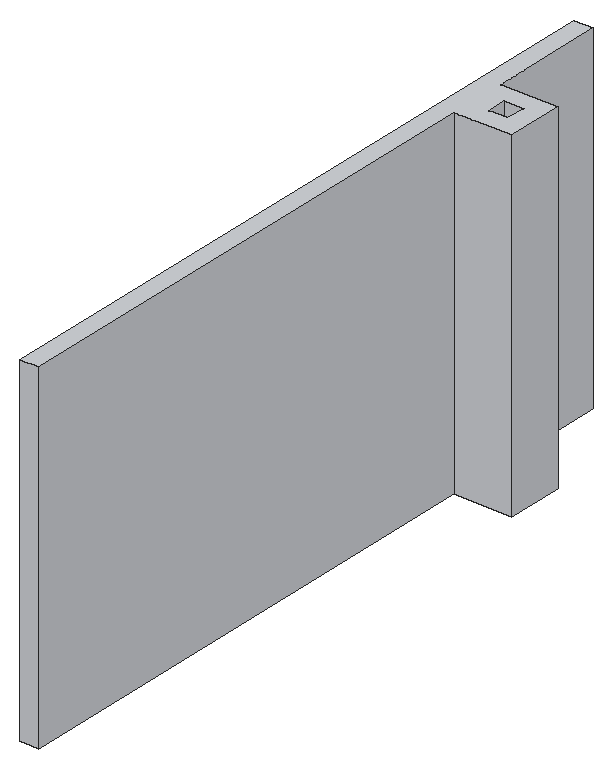
Revit family "KLS - shelf", category Generic Models, host Face, Revit 2014
Parameters (values of type "KLS - shelf 90cmx3cm")
  thickness around hole = 30 mm
  shelf width [instance] = 533.532 mm
  shelf thickness = 30 mm
  shelf length = 900 mm
  material = none
  length to wall = 180 mm
  hole = 30 mm
  Default Elevation = 1219.2 mm
Types (5, lengths in mm): name | thickness around hole | shelf thickness | shelf length | length to wall
  (no name) | 30 | 30 | 900 | 180
  KLS - shelf 90cmx3cm | 30 | 30 | 900 | 180
  KLS - shelf 70cmx3cm | 25 | 30 | 700 | 145.944
  KLS - shelf 50cmx2cm | 22 | 20 | 500 | 145.944
  KLS - shelf 30cmx2cm | 20 | 20 | 300 | 145.944
Reference planes
  plane 1 "Center (Front/Back)": y = 0
  plane 2: z = 0
  plane 3 "Center (Left/Right)": x = 0
  plane 4: x = -60
  plane 5: x = -30
  plane 6: y = 30
  plane 7: y = -870
  plane 8: x = 60
  plane 9: y = -60
  plane 10: y = -30
  plane 11: x = 30
  plane 12: z = 533.532
  plane 13: y = 210
Forms (mm)
  Extrusion 1, solid, material <- "material"
    sketch origin (0, 0, 0) x (1, 0, 0) y (0, 1, 0)
      loop
        line (-60, -870) -> (-30, -870) -> (-30, -60) -> (60, -60) -> (60, 30) -> (-30, 30) -> (-30, 210) -> (-60, 210) -> (-60, -870)
      loop
        line (30, -30) -> (30, 0) -> (0, 0) -> (0, -30) -> (30, -30)
    from 0 to 533.532
Dimensions and locks
  "thickness around hole": plane 10 to plane 9
  "thickness around hole": plane 6 to plane 1 "Center (Front/Back)"
  "thickness around hole": plane 11 to plane 8
  "thickness around hole": plane 5 to plane 3 "Center (Left/Right)"
  "shelf thickness": plane 4 to plane 5
  "shelf length": plane 6 to plane 7
  "hole": plane 3 "Center (Left/Right)" to plane 11
  "hole": plane 1 "Center (Front/Back)" to plane 10
  "shelf width": plane 12 to level
  "length to wall": plane 13 to plane 6
  aligned and locked: plane 2 to host face
  aligned and locked: level to host face
  aligned and locked: plane 7 to Extrusion 1 sketch curve
  aligned and locked: plane 5 to Extrusion 1 sketch curve
  aligned and locked: plane 4 to Extrusion 1 sketch curve
  aligned and locked: Extrusion 1 sketch curve to plane 6
  aligned and locked: Extrusion 1 sketch curve to plane 8
  aligned and locked: Extrusion 1 sketch curve to plane 9
  aligned and locked: plane 10 to Extrusion 1 sketch curve
  aligned and locked: Extrusion 1 sketch curve to plane 11
  aligned and locked: plane 1 "Center (Front/Back)" to Extrusion 1 sketch curve
  aligned and locked: plane 3 "Center (Left/Right)" to Extrusion 1 sketch curve
  aligned and locked: plane 12 to Extrusion 1
  aligned and locked: Extrusion 1 sketch curve to plane 5
  aligned and locked: plane 13 to Extrusion 1 sketch curve
Automatic sketch dimensions
  host sketch curve to host sketch curve = 2438.4 mm  (x2)
